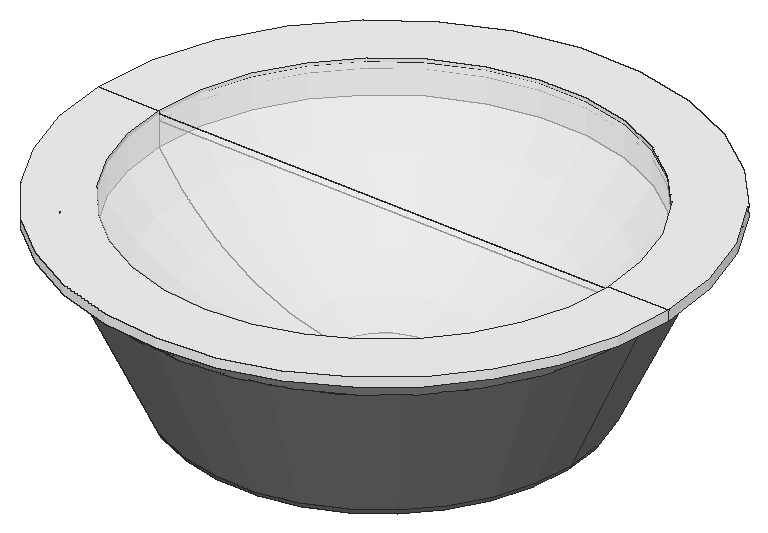
Revit family "0030351", category Lighting Fixtures, host Face, Revit 2016
Family settings
  Host = Face
  Part Type = Normal
  Round Connector Dimension = Use Diameter
  OmniClass Number = 23.80.70.00
  OmniClass Title = Lighting
  Cut with Voids When Loaded = No
  Light Source = Yes
  Shared = No
  Room Calculation Point = No
Parameters (values of type "0030351 Insaver Slim UGR19 IP44 DALI 170 1500lm 840")
  WidthBezel_SYL = if(Size1_SYL, 20 mm, if(Size2_SYL, 20 mm, if(Size3PIR_SYL, 30 mm, if(Size4_SYL, 20 mm, 20 mm))))  # 20 mm
  Weight = "6.72 kg"
  Wattage Comments = ""
  Wattage = 13 W
  WarrantyStartDate [instance] = "n/a"
  WarrantyGuarantorParts = "n/a"
  WarrantyDurationUnit = "n/a"
  WarrantyDurationParts = "n/a"
  WarrantyDescription = "n/a"
  built-in parameter 1150110 = 1 (stored number, unit not read)
  Voltage = 230 V
  VisibilityPIR_SYL = Size3PIR_SYL  # no
  URL = "http://www.sylvania-lighting.com"
  TypeName = "Insaver Slim UGR19 IP44 DALI 170 1500lm 840"
  Type Image = <None>
  Type Comments = "n/a"
  built-in parameter 1114217 = 1 (stored number, unit not read)
  Tilt Angle = -90.00°
  built-in parameter 1150109 = 1 (stored number, unit not read)
  built-in parameter 1150134 = 12
  built-in parameter 1150113 = 1 (stored number, unit not read)
  Size4_SYL = no
  Size3PIR_SYL = no
  Size2_SYL = yes
  Size1_SYL = no
  SerialNumber [instance] = "n/a"
  RadiusTop_SYL = 6 mm
  RadiusReflector_SYL = if(Size1_SYL, 85 mm, if(Size2_SYL, 85 mm, if(Size3PIR_SYL, 85 mm, if(Size4_SYL, 100 mm, 120 mm))))  # 85 mm
  Photometric Web File = "0030351.ies"
  Material_3_FEILO = Top-Sylvania-STARTDownlight
  PowerFactor = 0.9
  PowerConsumption = "13 W"
  NominalLength = 195 mm
  NominalHeight = 60 mm
  NominalDepth = 195 mm
  Name = "Insaver Slim UGR19 IP44 DALI 170 1500lm 840"
  ModelReference = Name  # "Insaver Slim UGR19 IP44 DALI 170 1500lm 840"
  ModelNumber = "0030351"
  Model = Name  # "Insaver Slim UGR19 IP44 DALI 170 1500lm 840"
  Material = "aluminium housing, na diffuser"
  ManufacturerName = "Feilo Sylvania"
  Manufacturer = "Feilo Sylvania"
  LuminousEfficacy = "126.5 lm/W"
  built-in parameter 1150105 = 130.9 (stored number, unit not read)
  Lumens = 1645 lm
  LuminaireType = ""
  built-in parameter 1150115 = 1 (stored number, unit not read)
  LightOutputRatio = "n/a"
  built-in parameter 1150137 = (empty or 0)
  built-in parameter 1150139 = (empty or 0)
  LampsType = Lamp  # "LED"
  LampNominalLuminous = "lm"
  LampMacAdamStep = "5"
  LampColourTemperature = "4000 K"
  LampColourRenderingIndex = "80"
  built-in parameter 1150112 = 1 (stored number, unit not read)
  built-in parameter 1150114 = 1 (stored number, unit not read)
  Lamp = "LED"
  Keynote = "16500"
  InstallationDate [instance] = "n/a"
  InputVoltage = "AC 220-240 V"
  InputNominalFrequency = "50/60 Hz"
  built-in parameter 1150132 = (empty or 0)
  built-in parameter 1150102 = (empty or 0)
  built-in parameter 1150107 = 4000 (stored number, unit not read)
  built-in parameter 1150138 = (empty or 0)
  IngressProtection = "IP40/20"
  ImpactProtectionIndex = "IK07"
  built-in parameter 1150106 = 1.309 (stored number, unit not read)
  IfcExportType = "IfcLightFixtureType"
  IfcExportAs = "IfcLightFixtureType"
  Height_SYL = if(Size1_SYL, 61 mm, if(Size2_SYL, 61 mm, if(Size3PIR_SYL, 61 mm, if(Size4_SYL, 61 mm, 60 mm))))  # 61 mm
  HeightBezel_SYL = if(Size1_SYL, 3 mm, if(Size2_SYL, 3 mm, if(Size3PIR_SYL, 3 mm, if(Size4_SYL, 3.2 mm, 3 mm))))  # 3 mm
  ExpectedLife = 50000
  Emit from Circle Diameter = Diameter_SYL - 40 mm  # 150 mm
  Emit Shape Visible in Rendering = no
  ElectricShockClassification = "Class II"
  built-in parameter 1150104 = 11.756 (stored number, unit not read)
  DurationUnit = "hours"
  DocumentationLiterature = "http://www.sylvania-lighting.com/product/en-int/products/0030351"
  DimmingControlOptions = "DALI dimmable"
  Material_2_FEILO = Diffuser-Sylvania-STARTDownlight
  Dimming Lamp Color Temperature Shift = <None>
  Diameter_SYL = if(Size1_SYL, 165 mm, if(Size2_SYL, 190 mm, if(Size3PIR_SYL, 211 mm, if(Size4_SYL, 220 mm, 240 mm))))  # 190 mm
  DiameterTop_SYL = if(Size1_SYL, 98 mm, if(Size2_SYL, 122 mm, if(Size3PIR_SYL, 120 mm, if(Size4_SYL, 135 mm, 158 mm))))  # 122 mm
  DiameterTopBase_SYL = DiameterRecess_SYL  # 170 mm
  DiameterRecess_SYL = if(Size1_SYL, 150 mm, if(Size2_SYL, 170 mm, if(Size3PIR_SYL, 186 mm, if(Size4_SYL, 200 mm, 225 mm))))  # 170 mm
  Description = ""
  Default Elevation = 1219.2 mm
  CreatedOn = "5/28/2019"
  CreatedBy = "@sylvania-lighting.com"
  Cost = 0
  Color Filter = 16777215
  built-in parameter 1114216 [instance] = (empty or 0)
  ClassificationValue = "EF_70_80"
  ClassificationName = "Uniclass2015"
  Material_1_FEILO = Trim-Sylvania-STARTDownlight-White
  BarCode [instance] = "n/a"
  built-in parameter 1114218 = 1 (stored number, unit not read)
  built-in parameter 1150133 = 10 (stored number, unit not read)
  AssetType = "Fixed"
  AssetIdentifier [instance] = "n/a"
  Assembly Code = "D5020200"
  Apparent Load = 13 VA
  Material_4_FEILO = LED-Sylvania-STARTDownlight
Types (2, lengths in mm): name | Wattage | Photometric Web File | PowerConsumption | LuminousEfficacy | built-in parameter 1150105 | Lumens | LampNominalLuminous | built-in parameter 1150106 | built-in parameter 1150104 | Apparent Load
  0030351 Insaver Slim UGR19 IP44 DALI 170 1500lm 840 | 13 W | "0030351.ies" | "13 W" | "126.5 lm/W" | 130.9 (stored number, unit not read) | 1645 lm | "lm" | 1.309 (stored number, unit not read) | 11.756 (stored number, unit not read) | 13 VA
  0030351 Insaver Slim UGR19 IP44 DALI 170 1500lm 840 Emergency mode | 16 W | "0030351EM.ies" | "16 W" | "27.33 lm/W" | 281.42 (stored number, unit not read) | 437.28 lm | "436 lm" | 2.8142 (stored number, unit not read) | 2.539 (stored number, unit not read) | 16 VA
Reference planes
  plane 1 "Center (Front/Back)": y = 0
  plane 2: z = 0
  plane 3 "Center (Left/Right)": x = 0
  plane 4: x = 95
  plane 5: x = -95
  plane 6: z = 3
  plane 7: z = -8
  plane 8: z = -58
  plane 9: x = -85
  plane 10: x = 85
  plane 11: x = -61
  plane 12: x = 61
  plane 13: z = -85
  plane 14: x = -75
  plane 15: z = 2
  plane 16: z = -46
  plane 17: x = -16
  plane 18: x = -80
  plane 19: x = -81.5
  plane 20: x = -99.5
  plane 21: x = -89
  plane 22: z = 5.5
  plane 23: z = 8.7
  plane 24: x = -88
  plane 25: z = 13.7
Forms (mm)
  Revolve 1, void
    sketch origin (0, 0, 0) x (1, 0, 0) y (0, 0, 1)
      loop
        line (0, 0) -> (-85, 0) -> (-85, -85) -> (0, -85) -> (0, 0)
      axis (0, 0) -> (0, -85)
    angle from 360 to 0
  Revolve 2, solid, material "Trim-Sylvania-STARTDownlight-White" <- "Material_1_FEILO"
    sketch origin (0, 0, 0) x (1, 0, 0) y (0, 0, 1)
      loop
        line (-75, 3) -> (-95, 3) -> (-95, 0) -> (-85, 0) -> (-85, -8) -> (-62.681, -54.768)
        arc (-62.681, -54.768) -> (-60.471, -57.129) -> (-57.357, -58) r 6
        line (-57.357, -58) -> (0, -58) -> (0, -46) -> (-16, -46)
        arc (-16, -46) -> (-49.605, -33.373) -> (-75, -8) r 85
        line (-75, -8) -> (-75, 3)
      axis (0, 3) -> (0, -58)
    angle from 360 to 0
  Revolve 3, solid, material "Diffuser-Sylvania-STARTDownlight" <- "Material_2_FEILO"
    sketch origin (0, 0, 0) x (1, 0, 0) y (0, 0, 1)
      loop
        line (-75, 0) -> (0, 0) -> (0, 2) -> (-75, 2) -> (-75, 0)
      axis (0, 2) -> (0, 0)
    angle from 360 to 0
  Revolve 4, solid, material "Trim-Sylvania-STARTDownlight-White" <- "Material_1_FEILO", visible <- "VisibilityPIR_SYL"
    sketch origin (0, 0, 0) x (1, 0, 0) y (0, 0, 1)
      loop
        line (-80, 3) -> (-80, 13.7)
        arc (-80, 13.7) -> (-84.717, 12.347) -> (-88, 8.7) r 8.9
        line (-88, 8.7) -> (-88, 5.5) -> (-89, 5.5) -> (-89, 3) -> (-80, 3)
      axis (-80, 13.7) -> (-80, 3)
    angle from 360 to 0
Dimensions and locks
  equal spacing: plane 4, plane 3 "Center (Left/Right)", plane 5
  "Diameter_SYL": plane 4 to plane 5
  equal spacing: plane 10, plane 3 "Center (Left/Right)", plane 9
  equal spacing: plane 12, plane 3 "Center (Left/Right)", plane 11
  "DiameterTop_SYL": plane 12 to plane 11
  "HeightBezel_SYL": plane 6 to plane 2
  "Height_SYL": plane 6 to plane 8
  locked: plane 2 to plane 7 at 8
  locked: plane 2 to plane 13 at 85
  "WidthBezel_SYL": plane 14 to plane 5
  locked: plane 6 to plane 15 at 1
  "DiameterRecess_SYL": plane 10 to plane 9
  locked: plane 3 "Center (Left/Right)" to plane 17 at 16
  locked: plane 16 to plane 8 at 12
  locked: plane 18 to plane 21 at 9
  locked: plane 22 to plane 6 at 2.5
  locked: plane 23 to plane 22 at 3.2
  locked: plane 18 to plane 24 at 8
  locked: plane 25 to plane 23 at 5
  locked: plane 25 to Revolve 4 sketch curve at 8.9
  locked: plane 18 to plane 5 at 15
  "RadiusReflector_SYL": radius of Revolve 2 sketch curve
  "RadiusTop_SYL": radius of Revolve 2 sketch curve
  aligned and locked: plane 2 to host face
  aligned and locked: level to host face
  aligned and locked: Revolve 1 sketch curve to plane 3 "Center (Left/Right)"
  aligned and locked: plane 3 "Center (Left/Right)" to Revolve 1 sketch curve
  aligned and locked: Revolve 1 sketch curve to plane 9
  aligned and locked: plane 13 to Revolve 1 sketch curve
  aligned and locked: plane 3 "Center (Left/Right)" to imposter light
  aligned and locked: imposter light to plane 15
  aligned and locked: imposter light to plane 1 "Center (Front/Back)"
  aligned and locked: Revolve 2 sketch curve to plane 3 "Center (Left/Right)"
  aligned and locked: Revolve 2 sketch curve to plane 6
  aligned and locked: Revolve 2 sketch curve to plane 5
  aligned and locked: Revolve 2 sketch curve to level
  aligned and locked: plane 7 to Revolve 2 sketch curve  (x2)
  aligned and locked: Revolve 2 sketch curve to plane 9
  aligned and locked: plane 8 to Revolve 2 sketch curve
  aligned and locked: Revolve 2 sketch curve to plane 14
  aligned and locked: plane 3 "Center (Left/Right)" to Revolve 2 sketch curve
  aligned and locked: Revolve 2 sketch curve to plane 16
  aligned and locked: Revolve 3 sketch curve to plane 3 "Center (Left/Right)"
  aligned and locked: Revolve 3 sketch curve to level
  aligned and locked: imposter light to Revolve 3 sketch curve  (x2)
  aligned and locked: Revolve 4 sketch curve to plane 18  (x2)
  aligned and locked: Revolve 4 sketch curve to plane 6
  aligned and locked: plane 22 to Revolve 4 sketch curve
  aligned and locked: plane 24 to Revolve 4 sketch curve
  aligned and locked: Revolve 4 sketch curve to Revolve 4 sketch curve
  aligned and locked: plane 21 to Revolve 4 sketch curve
Automatic sketch dimensions
  host sketch curve to host sketch curve = 2438.4 mm  (x2)
  plane 13 to Revolve 1 sketch curve = 524.6 mm
  Revolve 1 sketch curve to plane 6 = 2606.058 mm
  Revolve 1 sketch curve to level = 0 mm
  Revolve 2 sketch curve to plane 17 = 0 mm
  Revolve 2 sketch curve to plane 11 = 1.681 mm
  plane 11 to Revolve 2 sketch curve = 3.643 mm
  plane 13 to Revolve 2 sketch curve = 524.6 mm
  Revolve 2 sketch curve to Revolve 2 sketch curve = 2577.983 mm
  Revolve 3 sketch curve to plane 14 = 0 mm
  plane 13 to Revolve 3 sketch curve = 524.6 mm
  Revolve 3 sketch curve to plane 6 = 2606.058 mm
  Revolve 4 sketch curve to plane 23 = 0 mm
  plane 13 to Revolve 4 sketch curve = 524.6 mm
  Revolve 4 sketch curve to Revolve 4 sketch curve = 2595.358 mm
Connectors
  electrical at (0, 0, 0), driven by "Apparent Load", driven by "PowerFactor", driven by "Voltage"
    settings: index 1, voltage 230 V, apparent load 13 VA, apparent load phase1 0 VA, apparent load phase2 0 VA, apparent load phase3 0 VA, power factor 0.9, load classification "Lighting", number of poles 1, system type 30, power factor state 1, is connector primary yes, connector utility no, sub classification motor no, connector description ""
